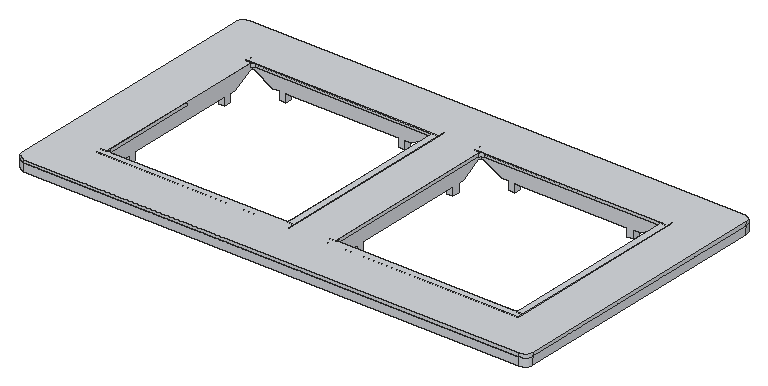
Revit family "Gira_0212225", category Electrical Fixtures, host Face, Revit 2017
Family settings
  Host = Face
  Maintain Annotation Orientation = No
  Round Connector Dimension = Use Diameter
  Part Type = Normal
  Cut with Voids When Loaded = No
  Shared = No
  Room Calculation Point = No
Parameters (values of type "Abdeckrahmen 2f flach Gira E2 Reinweiß m")
  Werkstoffgüte = "Thermoplast"
  Werkstoff = "Kunststoff"
  URL = "http://katalog.gira.de/de_DE/datenblatt.html?artikelnr=0212225"
  Transparent = "No"
  Textfeld/Beschriftungsfläche = "No"
  Schutzart (IP) = "IP20"
  Region = "DE"
  RAL-Nummer (ähnlich) = "9010 "
  Oberfläche = "sonstige"
  Name = "Abdeckrahmen 2f flach Gira E2 Reinweiß m"
  Montagerichtung = "horizontal und vertikal"
  Mit Montagerahmen = "No"
  Mit Klappdeckel = "No"
  Manufacturer URL = "https://www.gira.de/"
  Keynote = "E2flach_Rahmen_2fach"
  HeinzeBIM = "https://bimportal.heinze.de/bim/abdeckrahmen-2f-flach-gira-e2-reinweiss-m/1f3db02cfce42f34a0589a78667c8e5b68c72469"
  Halogenfrei = "Yes"
  HAN = "0212225"
  Geeignet für Unterputz-Installation = "Yes"
  Geeignet für Unterflurkanaldose = "No"
  Geeignet für Geräteeinbaukanal = "No"
  Geeignet für Einbauinstallation = "No"
  GTIN = "4010337021377"
  Farbe = "weiß"
  Default Elevation = 1219.2 mm
  Data sheet (1) = "https://katalog.gira.de/de_DE/download.html?artikelnr=0212225"
  Category = "Abdeckrahmen"
  Befestigungsart = "Klemmbefestigung"
  Available = "Yes"
  Ausführung der Oberfläche = "matt"
  Anzahl der Einheiten vertikal = "2 "
  Anzahl der Einheiten horizontal = "2 "
  Anzahl der Einheiten = "2 "
Reference planes
  plane 1 "Center (Front/Back)": y = 0
  plane 2: z = 0
  plane 3 "Center (Left/Right)": x = 0
Forms (mm)
  Extrusion 1, solid, detail levels fine
    sketch origin (0, 0, 0) x (1, 0, 0) y (0, 1, 0)
      loop
        arc (-77, 43.9) -> (-78.768, 43.168) -> (-79.5, 41.4) r 2.5
        line (-79.5, 41.4) -> (-79.5, -41.4)
        arc (-79.5, -41.4) -> (-78.768, -43.168) -> (-77, -43.9) r 2.5
        line (-77, -43.9) -> (77, -43.9)
        arc (77, -43.9) -> (78.768, -43.168) -> (79.5, -41.4) r 2.5
        line (79.5, -41.4) -> (79.5, 41.4)
        arc (79.5, 41.4) -> (78.768, 43.168) -> (77, 43.9) r 2.5
        line (77, 43.9) -> (-77, 43.9)
      loop
        spline (-63.744, -27.245) -> (-63.736, -27.363) -> (-63.713, -27.478) -> (-63.675, -27.589) -> (-63.623, -27.695) -> (-63.558, -27.792) -> (-63.481, -27.881) -> (-63.392, -27.958) -> (-63.295, -28.023) -> (-63.189, -28.075) -> (-63.078, -28.113) -> (-62.963, -28.136) -> (-62.845, -28.144)
        line (-62.845, -28.144) -> (-8.355, -28.144)
        spline (-8.355, -28.144) -> (-8.237, -28.136) -> (-8.122, -28.113) -> (-8.011, -28.075) -> (-7.905, -28.023) -> (-7.808, -27.958) -> (-7.719, -27.881) -> (-7.642, -27.792) -> (-7.577, -27.695) -> (-7.525, -27.589) -> (-7.487, -27.478) -> (-7.464, -27.363) -> (-7.456, -27.245)
        line (-7.456, -27.245) -> (-7.456, 27.245)
        spline (-7.456, 27.245) -> (-7.464, 27.363) -> (-7.487, 27.478) -> (-7.525, 27.589) -> (-7.577, 27.695) -> (-7.642, 27.792) -> (-7.719, 27.881) -> (-7.808, 27.958) -> (-7.905, 28.023) -> (-8.011, 28.075) -> (-8.122, 28.113) -> (-8.237, 28.136) -> (-8.355, 28.144)
        line (-8.355, 28.144) -> (-62.845, 28.144)
        spline (-62.845, 28.144) -> (-62.963, 28.136) -> (-63.078, 28.113) -> (-63.189, 28.075) -> (-63.295, 28.023) -> (-63.392, 27.958) -> (-63.481, 27.881) -> (-63.558, 27.792) -> (-63.623, 27.695) -> (-63.675, 27.589) -> (-63.713, 27.478) -> (-63.736, 27.363) -> (-63.744, 27.245)
        line (-63.744, 27.245) -> (-63.744, -27.245)
      loop
        spline (62.845, -28.144) -> (62.963, -28.136) -> (63.078, -28.113) -> (63.189, -28.075) -> (63.295, -28.023) -> (63.392, -27.958) -> (63.481, -27.881) -> (63.558, -27.792) -> (63.623, -27.695) -> (63.675, -27.589) -> (63.713, -27.478) -> (63.736, -27.363) -> (63.744, -27.245)
        line (63.744, -27.245) -> (63.744, 27.245)
        spline (63.744, 27.245) -> (63.736, 27.363) -> (63.713, 27.478) -> (63.675, 27.589) -> (63.623, 27.695) -> (63.558, 27.792) -> (63.481, 27.881) -> (63.392, 27.958) -> (63.295, 28.023) -> (63.189, 28.075) -> (63.078, 28.113) -> (62.963, 28.136) -> (62.845, 28.144)
        line (62.845, 28.144) -> (8.355, 28.144)
        spline (8.355, 28.144) -> (8.237, 28.136) -> (8.122, 28.113) -> (8.011, 28.075) -> (7.905, 28.023) -> (7.808, 27.958) -> (7.719, 27.881) -> (7.642, 27.792) -> (7.577, 27.695) -> (7.525, 27.589) -> (7.487, 27.478) -> (7.464, 27.363) -> (7.456, 27.245)
        line (7.456, 27.245) -> (7.456, -27.245)
        spline (7.456, -27.245) -> (7.464, -27.363) -> (7.487, -27.478) -> (7.525, -27.589) -> (7.577, -27.695) -> (7.642, -27.792) -> (7.719, -27.881) -> (7.808, -27.958) -> (7.905, -28.023) -> (8.011, -28.075) -> (8.122, -28.113) -> (8.237, -28.136) -> (8.355, -28.144)
        line (8.355, -28.144) -> (62.845, -28.144)
    from 2.5 to 3.4
  Extrusion 2, solid, detail levels fine
    sketch origin (0, 0, 0) x (1, 0, 0) y (0, 1, 0)
      loop
        arc (-77, 43.9) -> (-78.768, 43.168) -> (-79.5, 41.4) r 2.5
        line (-79.5, 41.4) -> (-79.5, -41.4)
        arc (-79.5, -41.4) -> (-78.768, -43.168) -> (-77, -43.9) r 2.5
        line (-77, -43.9) -> (77, -43.9)
        arc (77, -43.9) -> (78.768, -43.168) -> (79.5, -41.4) r 2.5
        line (79.5, -41.4) -> (79.5, 41.4)
        arc (79.5, 41.4) -> (78.768, 43.168) -> (77, 43.9) r 2.5
        line (77, 43.9) -> (-77, 43.9)
      loop
        arc (-77, 43.4) -> (-78.414, 42.814) -> (-79, 41.4) r 2
        line (-79, 41.4) -> (-79, -41.4)
        arc (-79, -41.4) -> (-78.414, -42.814) -> (-77, -43.4) r 2
        line (-77, -43.4) -> (77, -43.4)
        arc (77, -43.4) -> (78.414, -42.814) -> (79, -41.4) r 2
        line (79, -41.4) -> (79, 41.4)
        arc (79, 41.4) -> (78.414, 42.814) -> (77, 43.4) r 2
        line (77, 43.4) -> (-77, 43.4)
    from 0 to 2.5
  Extrusion 3, solid, detail levels fine
    sketch origin (-35.6, 0, 0) x (1, 0, 0) y (0, 0, 1)
      loop
        line (-17.5, -4.06) -> (-17.5, -1.56) -> (17.5, -1.56) -> (17.5, -4.06) -> (19.5, -4.06) -> (19.5, -1.56) -> (21.654, -1.56) -> (27.214, 1.65) -> (30, 1.65) -> (30, 3.4) -> (-30, 3.4) -> (-30, 1.65) -> (-27.214, 1.65) -> (-21.654, -1.56) -> (-19.5, -1.56) -> (-19.5, -4.06) -> (-17.5, -4.06)
    from 28.144 to 30
  Extrusion 4, solid, detail levels fine
    sketch origin (-35.6, 0, 0) x (0, -1, 0) y (0, 0, -1)
      loop
        line (-17.5, 4.06) -> (-19.5, 4.06) -> (-19.5, 1.56) -> (-21.654, 1.56) -> (-27.214, -1.65) -> (-28.144, -1.65) -> (-28.144, -3.4) -> (28.144, -3.4) -> (28.144, -1.65) -> (27.214, -1.65) -> (21.654, 1.56) -> (19.5, 1.56) -> (19.5, 4.06) -> (17.5, 4.06) -> (17.5, 1.56) -> (-17.5, 1.56) -> (-17.5, 4.06)
    from 28.144 to 30
  Extrusion 5, solid, detail levels medium
    sketch origin (-35.6, 0, 0) x (0, -1, 0) y (0, 0, 1)
      loop
        line (-17.5, -4.06) -> (-17.5, -1.56) -> (17.5, -1.56) -> (17.5, -4.06) -> (19.5, -4.06) -> (19.5, -1.56) -> (28.144, -1.56) -> (28.144, 3.4) -> (-28.144, 3.4) -> (-28.144, -1.56) -> (-19.5, -1.56) -> (-19.5, -4.06) -> (-17.5, -4.06)
    from 28.144 to 30
  Extrusion 6, solid, detail levels fine
    sketch origin (-35.6, 0, 0) x (1, 0, 0) y (0, 0, -1)
      loop
        line (-17.5, 4.06) -> (-19.5, 4.06) -> (-19.5, 1.56) -> (-21.654, 1.56) -> (-27.214, -1.65) -> (-30, -1.65) -> (-30, -3.4) -> (30, -3.4) -> (30, -1.65) -> (27.214, -1.65) -> (21.654, 1.56) -> (19.5, 1.56) -> (19.5, 4.06) -> (17.5, 4.06) -> (17.5, 1.56) -> (-17.5, 1.56) -> (-17.5, 4.06)
    from 28.144 to 30
  Extrusion 7, solid, detail levels coarse
    sketch origin (0, 0, 0) x (1, 0, 0) y (0, 1, 0)
      loop
        line (-79.5, 43.9) -> (-79.5, -43.9) -> (79.5, -43.9) -> (79.5, 43.9) -> (-79.5, 43.9)
    from -4.06 to 3.4
  Extrusion 8, solid, detail levels medium
    sketch origin (0, 0, 0) x (1, 0, 0) y (0, 1, 0)
      loop
        line (-79.5, 43.9) -> (-79.5, -43.9) -> (79.5, -43.9) -> (79.5, 43.9) -> (-79.5, 43.9)
    from 0 to 3.4
  Extrusion 9, solid, detail levels medium
    sketch origin (-35.6, 0, 0) x (1, 0, 0) y (0, 0, 1)
      loop
        line (-17.5, -4.06) -> (-17.5, -1.56) -> (17.5, -1.56) -> (17.5, -4.06) -> (19.5, -4.06) -> (19.5, -1.56) -> (30, -1.56) -> (30, 3.4) -> (-30, 3.4) -> (-30, -1.56) -> (-19.5, -1.56) -> (-19.5, -4.06) -> (-17.5, -4.06)
    from 28.144 to 30
  Extrusion 10, solid, detail levels medium
    sketch origin (-35.6, 0, 0) x (1, 0, 0) y (0, 0, -1)
      loop
        line (-17.5, 4.06) -> (-19.5, 4.06) -> (-19.5, 1.56) -> (-30, 1.56) -> (-30, -3.4) -> (30, -3.4) -> (30, 1.56) -> (19.5, 1.56) -> (19.5, 4.06) -> (17.5, 4.06) -> (17.5, 1.56) -> (-17.5, 1.56) -> (-17.5, 4.06)
    from 28.144 to 30
  Extrusion 11, solid, detail levels medium
    sketch origin (-35.6, 0, 0) x (0, -1, 0) y (0, 0, -1)
      loop
        line (-17.5, 4.06) -> (-19.5, 4.06) -> (-19.5, 1.56) -> (-28.144, 1.56) -> (-28.144, -3.4) -> (28.144, -3.4) -> (28.144, 1.56) -> (19.5, 1.56) -> (19.5, 4.06) -> (17.5, 4.06) -> (17.5, 1.56) -> (-17.5, 1.56) -> (-17.5, 4.06)
    from 28.144 to 30
  Extrusion 12, solid, detail levels fine
    sketch origin (35.6, 0, 0) x (-1, 0, 0) y (0, 0, -1)
      loop
        line (-17.5, 4.06) -> (-19.5, 4.06) -> (-19.5, 1.56) -> (-21.654, 1.56) -> (-27.214, -1.65) -> (-30, -1.65) -> (-30, -3.4) -> (30, -3.4) -> (30, -1.65) -> (27.214, -1.65) -> (21.654, 1.56) -> (19.5, 1.56) -> (19.5, 4.06) -> (17.5, 4.06) -> (17.5, 1.56) -> (-17.5, 1.56) -> (-17.5, 4.06)
    from 28.144 to 30
  Extrusion 13, solid, detail levels fine
    sketch origin (35.6, 0, 0) x (0, -1, 0) y (0, 0, 1)
      loop
        line (-17.5, -4.06) -> (-17.5, -1.56) -> (17.5, -1.56) -> (17.5, -4.06) -> (19.5, -4.06) -> (19.5, -1.56) -> (21.654, -1.56) -> (27.214, 1.65) -> (28.144, 1.65) -> (28.144, 3.4) -> (-28.144, 3.4) -> (-28.144, 1.65) -> (-27.214, 1.65) -> (-21.654, -1.56) -> (-19.5, -1.56) -> (-19.5, -4.06) -> (-17.5, -4.06)
    from 28.144 to 30
  Extrusion 14, solid, detail levels medium
    sketch origin (35.6, 0, 0) x (0, -1, 0) y (0, 0, -1)
      loop
        line (-17.5, 4.06) -> (-19.5, 4.06) -> (-19.5, 1.56) -> (-28.144, 1.56) -> (-28.144, -3.4) -> (28.144, -3.4) -> (28.144, 1.56) -> (19.5, 1.56) -> (19.5, 4.06) -> (17.5, 4.06) -> (17.5, 1.56) -> (-17.5, 1.56) -> (-17.5, 4.06)
    from 28.144 to 30
  Extrusion 15, solid, detail levels fine
    sketch origin (35.6, 0, 0) x (-1, 0, 0) y (0, 0, 1)
      loop
        line (-17.5, -4.06) -> (-17.5, -1.56) -> (17.5, -1.56) -> (17.5, -4.06) -> (19.5, -4.06) -> (19.5, -1.56) -> (21.654, -1.56) -> (27.214, 1.65) -> (30, 1.65) -> (30, 3.4) -> (-30, 3.4) -> (-30, 1.65) -> (-27.214, 1.65) -> (-21.654, -1.56) -> (-19.5, -1.56) -> (-19.5, -4.06) -> (-17.5, -4.06)
    from 28.144 to 30
  Extrusion 16, solid, detail levels medium
    sketch origin (35.6, 0, 0) x (-1, 0, 0) y (0, 0, -1)
      loop
        line (-17.5, 4.06) -> (-19.5, 4.06) -> (-19.5, 1.56) -> (-30, 1.56) -> (-30, -3.4) -> (30, -3.4) -> (30, 1.56) -> (19.5, 1.56) -> (19.5, 4.06) -> (17.5, 4.06) -> (17.5, 1.56) -> (-17.5, 1.56) -> (-17.5, 4.06)
    from 28.144 to 30
  Extrusion 17, solid, detail levels medium
    sketch origin (35.6, 0, 0) x (-1, 0, 0) y (0, 0, 1)
      loop
        line (-17.5, -4.06) -> (-17.5, -1.56) -> (17.5, -1.56) -> (17.5, -4.06) -> (19.5, -4.06) -> (19.5, -1.56) -> (30, -1.56) -> (30, 3.4) -> (-30, 3.4) -> (-30, -1.56) -> (-19.5, -1.56) -> (-19.5, -4.06) -> (-17.5, -4.06)
    from 28.144 to 30
  Extrusion 18, solid, detail levels medium
    sketch origin (35.6, 0, 0) x (0, -1, 0) y (0, 0, 1)
      loop
        line (-17.5, -4.06) -> (-17.5, -1.56) -> (17.5, -1.56) -> (17.5, -4.06) -> (19.5, -4.06) -> (19.5, -1.56) -> (28.144, -1.56) -> (28.144, 3.4) -> (-28.144, 3.4) -> (-28.144, -1.56) -> (-19.5, -1.56) -> (-19.5, -4.06) -> (-17.5, -4.06)
    from 28.144 to 30
  Extrusion 19, solid, detail levels fine
    sketch origin (-93.744, 0, 0) x (0, -1, 0) y (0, 0, -1)
      loop
        line (-17.5, 4.06) -> (-19.5, 4.06) -> (-19.5, 1.56) -> (-21.654, 1.56) -> (-27.214, -1.65) -> (-28.144, -1.65) -> (-28.144, -3.4) -> (28.144, -3.4) -> (28.144, -1.65) -> (27.214, -1.65) -> (21.654, 1.56) -> (19.5, 1.56) -> (19.5, 4.06) -> (17.5, 4.06) -> (17.5, 1.56) -> (-17.5, 1.56) -> (-17.5, 4.06)
    from 28.144 to 30
  Extrusion 20, solid, detail levels fine
    sketch origin (93.744, 0, 0) x (0, -1, 0) y (0, 0, 1)
      loop
        line (-17.5, -4.06) -> (-17.5, -1.56) -> (17.5, -1.56) -> (17.5, -4.06) -> (19.5, -4.06) -> (19.5, -1.56) -> (21.654, -1.56) -> (27.214, 1.65) -> (28.144, 1.65) -> (28.144, 3.4) -> (-28.144, 3.4) -> (-28.144, 1.65) -> (-27.214, 1.65) -> (-21.654, -1.56) -> (-19.5, -1.56) -> (-19.5, -4.06) -> (-17.5, -4.06)
    from 28.144 to 30
Dimensions and locks
  aligned and locked: plane 2 to host face
  aligned and locked: level to host face
